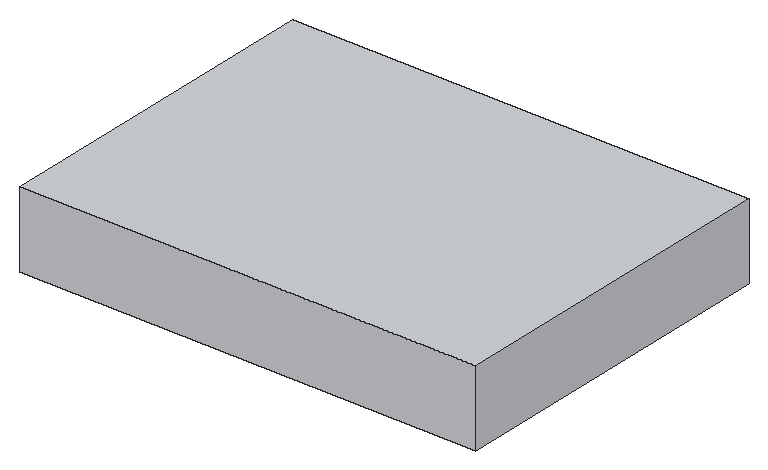
Revit family "test_family", category Allgemeines Modell, Revit 2017
Family settings
  Kann Basisbauteil für Bewehrung sein = Nein
  Bemaßung runder Anschluss = Durchmesser verwenden
  Teiletyp = Normal
  Arbeitsebenenbasiert = Nein
  Immer vertikal = Ja
  Beim Laden mit Abzugskörper schneiden = Nein
  Gemeinsam genutzt = Nein
  Raumberechnungspunkt = Nein
Parameters
  Param4 [instance] = 0.00 m²
  Param3 [instance] = 0
  Param2 [instance] = "0"
  Param1 [instance] = 0 mm
Reference planes
  plane 1 "Mitte (Vorne/hinten)": y = 0
  plane 2: z = 0
  plane 3 "Mitte (Links/rechts)": x = 0
Forms (mm)
  Extrusion 1, solid
    sketch origin (0, 0, 0) x (1, 0, 0) y (0, 1, 0)
      loop
        line (-745.864, 562) -> (-745.864, -558) -> (754.136, -558) -> (754.136, 562) -> (-745.864, 562)
    from 0 to 250
Dimensions and locks
  aligned and locked: level to plane 2
